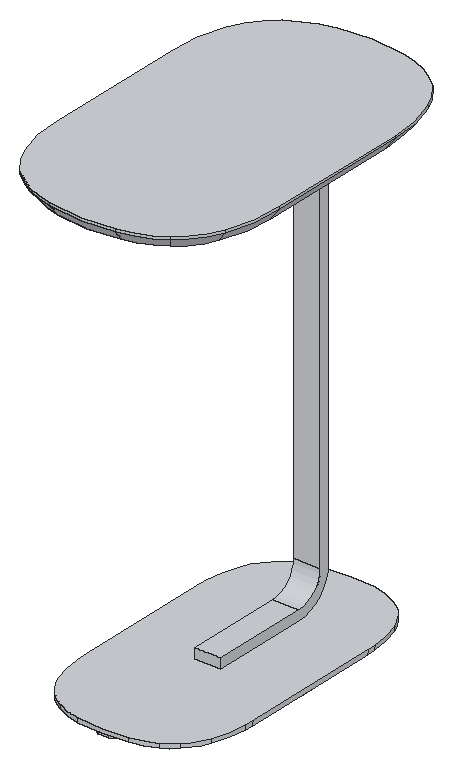
Revit family "Knoll_Muuto_Relate_Table", category Furniture, Revit 2021
Family settings
  OmniClass Number = 23.40.70.14.64.11
  OmniClass Title = Office Furniture
  Work Plane-Based = No
  Always vertical = Yes
  Cut with Voids When Loaded = No
  Shared = No
  Room Calculation Point = No
Parameters (values of type "MUU RelatSidTbl 29H")
  URL = "www.muuto.com"
  System Name [instance] = ""
  Product Documentation Link = "www.muuto.com"
  Position Boundary [instance] = yes
  P_Tag = "RELATE"
  P_Height = 29.000"
  P_DefaultHeight [instance] = 0.000"
  Model = "MRELST29"
  Length = P_Height - 0.969"  # 28.031"
  Knoll Muuto Table Trim [instance] = none
  Knoll Muuto Table Top [instance] = none
  Manufacturer = "Knoll, Inc."  # constant formula
  Knoll Muuto Coarse [instance] = none
  Knoll Muuto Table Leg [instance] = none
  Knoll Muuto Table Glide [instance] = none
  Knoll Muuto Table Edge [instance] = none
  Knoll Muuto Table Base [instance] = none
  Description = "Muuto Relate Side Table 29H"
  Default Elevation = 0.000"
  Copyright © = "© 2021 Knoll, Inc."  # constant formula
  Catalog = "Muuto"  # constant formula
  Base = "Type Catalog"
  Authoring Version = "Autodesk Revit 2016"  # constant formula
  Assembly Code = "E2020200"
Reference planes (in)
  plane 1 "Center (Front/Back)": y = 0
  plane 2: z = 0
  plane 3 "Center (Left/Right)": x = 0
  plane 4 "P_DH": z = 0
  plane 5 "Bottom": z = 28.031
  plane 6: z = 28.8184
  plane 7: z = 28.66092
Forms (in)
  Extrusion 1, solid, material <- "Knoll Muuto Table Glide", detail levels fine
    sketch origin (0, 0, 0) x (1, 0, 0) y (0, 1, 0)
      loop
        line (0.27559, 9.25197) -> (-0.27559, 9.25197)
        arc (-0.27559, 9.25197) -> (-0.61024, 8.91732) -> (-0.27559, 8.58268) r 0.33465
        line (-0.27559, 8.58268) -> (0.27559, 8.58268)
        arc (0.27559, 8.58268) -> (0.61024, 8.91732) -> (0.27559, 9.25197) r 0.33465
      loop
        arc (0.27559, -9.25197) -> (0.61024, -8.91732) -> (0.27559, -8.58268) r 0.33465
        line (0.27559, -8.58268) -> (-0.27559, -8.58268)
        arc (-0.27559, -8.58268) -> (-0.61024, -8.91732) -> (-0.27559, -9.25197) r 0.33465
        line (-0.27559, -9.25197) -> (0.27559, -9.25197)
    from 0 to 0.19685
  Extrusion 2, solid, material <- "Knoll Muuto Table Glide", detail levels fine
    sketch origin (0, 0, 0) x (1, 0, 0) y (0, 1, 0)
      loop
        line (-4.2126, -0.27559) -> (-4.2126, 0.27559)
        arc (-4.2126, 0.27559) -> (-4.54724, 0.61024) -> (-4.88189, 0.27559) r 0.33465
        line (-4.88189, 0.27559) -> (-4.88189, -0.27559)
        arc (-4.88189, -0.27559) -> (-4.54724, -0.61024) -> (-4.2126, -0.27559) r 0.33465
      loop
        arc (4.2126, -0.27559) -> (4.54724, -0.61024) -> (4.88189, -0.27559) r 0.33465
        line (4.88189, -0.27559) -> (4.88189, 0.27559)
        arc (4.88189, 0.27559) -> (4.54724, 0.61024) -> (4.2126, 0.27559) r 0.33465
        line (4.2126, 0.27559) -> (4.2126, -0.27559)
    from 0 to 0.19685
  Extrusion 3, solid, material <- "Knoll Muuto Table Base", detail levels fine
    sketch origin (0, 0, 0) x (1, 0, 0) y (0, 1, 0)
      loop
        arc (-5.07874, -4.37008) -> (-5.07431, -4.62748) -> (-5.06103, -4.88458) r 7.48024
        arc (-5.06103, -4.88458) -> (-4.91954, -5.90511) -> (-4.63918, -6.89651) r 7.48024
        arc (-4.63918, -6.89651) -> (-4.30006, -7.58758) -> (-3.81631, -8.18639) r 3.45403
        arc (-3.81631, -8.18639) -> (-3.4262, -8.52159) -> (-2.99326, -8.79929) r 3.68928
        arc (-2.99326, -8.79929) -> (-2.28518, -9.10907) -> (-1.53376, -9.28989) r 4.39023
        arc (-1.53376, -9.28989) -> (0, -9.4036) -> (1.53376, -9.28989) r 10.40066
        arc (1.53376, -9.28989) -> (2.28518, -9.10907) -> (2.99326, -8.79929) r 4.39023
        arc (2.99326, -8.79929) -> (3.4262, -8.52159) -> (3.81631, -8.18639) r 3.68928
        arc (3.81631, -8.18639) -> (4.30006, -7.58758) -> (4.63918, -6.89651) r 3.45403
        arc (4.63918, -6.89651) -> (4.91954, -5.90511) -> (5.06103, -4.88458) r 7.48024
        arc (5.06103, -4.88458) -> (5.07431, -4.62748) -> (5.07874, -4.37008) r 7.48024
        line (5.07874, -4.37008) -> (5.07874, 4.37008)
        arc (5.07874, 4.37008) -> (5.07431, 4.62748) -> (5.06103, 4.88458) r 7.48024
        arc (5.06103, 4.88458) -> (4.91954, 5.90511) -> (4.63918, 6.89651) r 7.48024
        arc (4.63918, 6.89651) -> (4.30006, 7.58758) -> (3.81631, 8.18639) r 3.45403
        arc (3.81631, 8.18639) -> (3.4262, 8.52159) -> (2.99326, 8.79929) r 3.68928
        arc (2.99326, 8.79929) -> (2.28518, 9.10907) -> (1.53376, 9.28989) r 4.39023
        arc (1.53376, 9.28989) -> (0, 9.4036) -> (-1.53376, 9.28989) r 10.40066
        arc (-1.53376, 9.28989) -> (-2.28518, 9.10907) -> (-2.99326, 8.79929) r 4.39023
        arc (-2.99326, 8.79929) -> (-3.4262, 8.52159) -> (-3.81631, 8.18639) r 3.68928
        arc (-3.81631, 8.18639) -> (-4.30006, 7.58758) -> (-4.63918, 6.89651) r 3.45403
        arc (-4.63918, 6.89651) -> (-4.91954, 5.90511) -> (-5.06103, 4.88458) r 7.48024
        arc (-5.06103, 4.88458) -> (-5.07431, 4.62748) -> (-5.07874, 4.37008) r 7.48024
        line (-5.07874, 4.37008) -> (-5.07874, -4.37008)
    from 0.19685 to 0.43307
  Extrusion 4, solid, material <- "Knoll Muuto Table Top", detail levels fine
    sketch origin (0, 0, 0) x (1, 0, 0) y (0, 1, 0)
      loop
        line (6.69291, -4.37008) -> (6.69291, 4.37008)
        arc (6.69291, 4.37008) -> (6.53676, 6.04362) -> (6.0737, 7.65939) r 9.04618
        arc (6.0737, 7.65939) -> (5.41306, 8.83085) -> (4.45186, 9.77154) r 4.77339
        arc (4.45186, 9.77154) -> (3.28721, 10.44194) -> (2.00355, 10.83955) r 6.06765
        arc (2.00355, 10.83955) -> (0, 11.02987) -> (-2.00355, 10.83955) r 10.64129
        arc (-2.00355, 10.83955) -> (-3.28721, 10.44194) -> (-4.45186, 9.77154) r 6.06765
        arc (-4.45186, 9.77154) -> (-5.41306, 8.83085) -> (-6.0737, 7.65939) r 4.77339
        arc (-6.0737, 7.65939) -> (-6.53676, 6.04362) -> (-6.69291, 4.37008) r 9.04618
        line (-6.69291, 4.37008) -> (-6.69291, -4.37008)
        arc (-6.69291, -4.37008) -> (-6.53676, -6.04362) -> (-6.0737, -7.65939) r 9.04618
        arc (-6.0737, -7.65939) -> (-5.41306, -8.83085) -> (-4.45186, -9.77154) r 4.77339
        arc (-4.45186, -9.77154) -> (-3.28721, -10.44194) -> (-2.00355, -10.83955) r 6.06765
        arc (-2.00355, -10.83955) -> (0, -11.02987) -> (2.00355, -10.83955) r 10.64129
        arc (2.00355, -10.83955) -> (3.28721, -10.44194) -> (4.45186, -9.77154) r 6.06765
        arc (4.45186, -9.77154) -> (5.41306, -8.83085) -> (6.0737, -7.65939) r 4.77339
        arc (6.0737, -7.65939) -> (6.53676, -6.04362) -> (6.69291, -4.37008) r 9.04618
    from 28.66092 to 28.8184
  Sweep 5, solid, material <- "Knoll Muuto Table Leg", detail levels fine
    path origin (0, 0, 0) x (0, 1, 0) y (0, 0, 1)
      loop
        line (-1.37795, 28.031) -> (4.51688, 28.031)
        arc (4.51688, 28.031) -> (6.05557, 27.39365) -> (6.69291, 25.85496) r 2.17604
        line (6.69291, 25.85496) -> (6.69291, 2.59653)
        arc (6.69291, 2.59653) -> (6.05925, 1.06673) -> (4.52945, 0.43307) r 2.16346
        line (4.52945, 0.43307) -> (-1.37795, 0.43307)
    profile origin (0, 6.69291, 14.22575) x (1, 0, 0) y (0, 1, 0)
      loop
        line (-0.7874, 0) -> (-0.7874, -0.60402) -> (0.7874, -0.60402) -> (0.7874, 0) -> (-0.7874, 0)
  Blend 6, solid, material <- "Knoll Muuto Table Edge", detail levels fine
    base sketch origin (-5.77558, -60, 28.66092) x (0, -1, 0) y (1, 0, 0)
      loop
        line (-64.37008, -0.91733) -> (-55.62992, -0.91733)
        arc (-55.62992, -0.91733) -> (-53.95638, -0.76118) -> (-52.34061, -0.29812) r 9.04618
        arc (-52.34061, -0.29812) -> (-51.16915, 0.36252) -> (-50.22846, 1.32372) r 4.77339
        arc (-50.22846, 1.32372) -> (-49.55806, 2.48837) -> (-49.16045, 3.77203) r 6.06765
        arc (-49.16045, 3.77203) -> (-48.97013, 5.77558) -> (-49.16045, 7.77913) r 10.64129
        arc (-49.16045, 7.77913) -> (-49.55806, 9.06279) -> (-50.22846, 10.22745) r 6.06765
        arc (-50.22846, 10.22745) -> (-51.16915, 11.18864) -> (-52.34061, 11.84928) r 4.77339
        arc (-52.34061, 11.84928) -> (-53.95638, 12.31234) -> (-55.62992, 12.46849) r 9.04618
        line (-55.62992, 12.46849) -> (-64.37008, 12.46849)
        arc (-64.37008, 12.46849) -> (-66.04362, 12.31234) -> (-67.65939, 11.84928) r 9.04618
        arc (-67.65939, 11.84928) -> (-68.83085, 11.18864) -> (-69.77154, 10.22745) r 4.77339
        arc (-69.77154, 10.22745) -> (-70.44194, 9.06279) -> (-70.83955, 7.77913) r 6.06765
        arc (-70.83955, 7.77913) -> (-71.02987, 5.77558) -> (-70.83955, 3.77203) r 10.64129
        arc (-70.83955, 3.77203) -> (-70.44194, 2.48837) -> (-69.77154, 1.32372) r 6.06765
        arc (-69.77154, 1.32372) -> (-68.83085, 0.36252) -> (-67.65939, -0.29812) r 4.77339
        arc (-67.65939, -0.29812) -> (-66.04362, -0.76118) -> (-64.37008, -0.91733) r 9.04618
    top sketch origin (-5.77558, -60, 28.66092) x (0, -1, 0) y (1, 0, 0)
      loop
        arc (-55.62992, -0.41733) -> (-54.04888, -0.26981) -> (-52.52242, 0.16765) r 8.54618
        arc (-52.52242, 0.16765) -> (-51.47366, 0.7591) -> (-50.63151, 1.61961) r 4.27339
        arc (-50.63151, 1.61961) -> (-50.01635, 2.68829) -> (-49.65151, 3.86617) r 5.56765
        arc (-49.65151, 3.86617) -> (-49.47013, 5.77558) -> (-49.65151, 7.68499) r 10.14129
        arc (-49.65151, 7.68499) -> (-50.01635, 8.86287) -> (-50.63151, 9.93155) r 5.56765
        arc (-50.63151, 9.93155) -> (-51.47366, 10.79206) -> (-52.52242, 11.38351) r 4.27339
        arc (-52.52242, 11.38351) -> (-54.04888, 11.82097) -> (-55.62992, 11.96849) r 8.54618
        line (-55.62992, 11.96849) -> (-64.37008, 11.96849)
        arc (-64.37008, 11.96849) -> (-65.95112, 11.82097) -> (-67.47758, 11.38351) r 8.54618
        arc (-67.47758, 11.38351) -> (-68.52634, 10.79206) -> (-69.36849, 9.93155) r 4.27339
        arc (-69.36849, 9.93155) -> (-69.98365, 8.86287) -> (-70.34849, 7.68499) r 5.56765
        arc (-70.34849, 7.68499) -> (-70.52987, 5.77558) -> (-70.34849, 3.86617) r 10.14129
        arc (-70.34849, 3.86617) -> (-69.98365, 2.68829) -> (-69.36849, 1.61961) r 5.56765
        arc (-69.36849, 1.61961) -> (-68.52634, 0.7591) -> (-67.47758, 0.16765) r 4.27339
        arc (-67.47758, 0.16765) -> (-65.95112, -0.26981) -> (-64.37008, -0.41733) r 8.54618
        line (-64.37008, -0.41733) -> (-55.62992, -0.41733)
    from 0 to -0.62992
  Extrusion 7, solid, material <- "Knoll Muuto Coarse", detail levels coarse+medium
    sketch origin (0, 0, 0) x (1, 0, 0) y (0, 1, 0)
      loop
        line (-5.07874, -9.4036) -> (5.07874, -9.4036) -> (5.07874, 9.4036) -> (-5.07874, 9.4036) -> (-5.07874, -9.4036)
    from 0 to 0.43307
  Extrusion 8, solid, material <- "Knoll Muuto Coarse", detail levels coarse+medium
    sketch origin (3.48134, 0, 0) x (0, 1, 0) y (0, 0, 1)
      loop
        line (11.06299, 28.8184) -> (-11.06299, 28.8184) -> (-11.06299, 28.031) -> (11.06299, 28.031) -> (11.06299, 28.8184)
    from -10.17426 to 3.21157
  Sweep 9, solid, material <- "Knoll Muuto Coarse", detail levels coarse+medium
    path origin (0, 0, 0) x (0, 1, 0) y (0, 0, 1)
      loop
        line (6.69291, 28.031) -> (6.69291, 0.43307)
    profile origin (0, 6.69291, 14.23204) x (1, 0, 0) y (0, 1, 0)
      loop
        line (-0.7874, 0) -> (-0.7874, -0.60402) -> (0.7874, -0.60402) -> (0.7874, 0) -> (-0.7874, 0)
  Extrusion 10, void
    sketch origin (0, -4.37008, 28.031) x (0, 1, 0) y (-1, 0, 0)
      loop
        arc (0, 6.19291) -> (-1.58104, 6.04539) -> (-3.1075, 5.60793) r 8.54618
        arc (-3.1075, 5.60793) -> (-4.15626, 5.01648) -> (-4.99841, 4.15597) r 4.27339
        arc (-4.99841, 4.15597) -> (-5.61357, 3.08729) -> (-5.97842, 1.90941) r 5.56765
        arc (-5.97842, 1.90941) -> (-6.15979, 0) -> (-5.97842, -1.90941) r 10.14129
        arc (-5.97842, -1.90941) -> (-5.61357, -3.08729) -> (-4.99841, -4.15597) r 5.56765
        arc (-4.99841, -4.15597) -> (-4.15626, -5.01648) -> (-3.1075, -5.60793) r 4.27339
        arc (-3.1075, -5.60793) -> (-1.58104, -6.04539) -> (0, -6.19291) r 8.54618
        line (0, -6.19291) -> (8.74016, -6.19291)
        arc (8.74016, -6.19291) -> (10.3212, -6.04539) -> (11.84766, -5.60793) r 8.54618
        arc (11.84766, -5.60793) -> (12.89642, -5.01648) -> (13.73857, -4.15597) r 4.27339
        arc (13.73857, -4.15597) -> (14.35373, -3.08729) -> (14.71857, -1.90941) r 5.56765
        arc (14.71857, -1.90941) -> (14.89995, 0) -> (14.71857, 1.90941) r 10.14129
        arc (14.71857, 1.90941) -> (14.35373, 3.08729) -> (13.73857, 4.15597) r 5.56765
        arc (13.73857, 4.15597) -> (12.89642, 5.01648) -> (11.84766, 5.60793) r 4.27339
        arc (11.84766, 5.60793) -> (10.3212, 6.04539) -> (8.74016, 6.19291) r 8.54618
        line (8.74016, 6.19291) -> (0, 6.19291)
    from 0 to 0.1
  Extrusion 11, solid, material <- "Knoll Muuto Table Trim", detail levels fine
    sketch origin (0, -4.37008, 28.031) x (-1, 0, 0) y (0, 1, 0)
      loop
        line (6.19291, 0) -> (6.19291, 8.74016)
        arc (6.19291, 8.74016) -> (6.04539, 10.3212) -> (5.60793, 11.84766) r 8.54618
        arc (5.60793, 11.84766) -> (5.01648, 12.89642) -> (4.15597, 13.73857) r 4.27339
        arc (4.15597, 13.73857) -> (3.08729, 14.35373) -> (1.90941, 14.71857) r 5.56765
        arc (1.90941, 14.71857) -> (0, 14.89995) -> (-1.90941, 14.71857) r 10.14129
        arc (-1.90941, 14.71857) -> (-3.08729, 14.35373) -> (-4.15597, 13.73857) r 5.56765
        arc (-4.15597, 13.73857) -> (-5.01648, 12.89642) -> (-5.60793, 11.84766) r 4.27339
        arc (-5.60793, 11.84766) -> (-6.04539, 10.3212) -> (-6.19291, 8.74016) r 8.54618
        line (-6.19291, 8.74016) -> (-6.19291, 0)
        arc (-6.19291, 0) -> (-6.04539, -1.58104) -> (-5.60793, -3.1075) r 8.54618
        arc (-5.60793, -3.1075) -> (-5.01648, -4.15626) -> (-4.15597, -4.99841) r 4.27339
        arc (-4.15597, -4.99841) -> (-3.08729, -5.61357) -> (-1.90941, -5.97842) r 5.56765
        arc (-1.90941, -5.97842) -> (0, -6.15979) -> (1.90941, -5.97842) r 10.14129
        arc (1.90941, -5.97842) -> (3.08729, -5.61357) -> (4.15597, -4.99841) r 5.56765
        arc (4.15597, -4.99841) -> (5.01648, -4.15626) -> (5.60793, -3.1075) r 4.27339
        arc (5.60793, -3.1075) -> (6.04539, -1.58104) -> (6.19291, 0) r 8.54618
    from 0 to -0.1
Cuts and joins
  Extrusion 10 cuts Extrusion 4
  Extrusion 10 cuts Sweep 5
  Extrusion 10 cuts Blend 6
  Extrusion 10 cuts Extrusion 8
  Extrusion 10 cuts Sweep 9
Lines and regions (in)
  Masking region 1
    outline origin (30, 0, 0) x (1, 0, 0) y (0, 1, 0)
      loop
        arc (-36.69291, -4.37008) -> (-36.56226, -5.90613) -> (-36.17404, -7.39805) r 9.09449
        arc (-36.17404, -7.39805) -> (-34.9577, -9.32778) -> (-33.02797, -10.54411) r 5.15748
        arc (-33.02797, -10.54411) -> (-30, -11.06299) -> (-26.97203, -10.54411) r 9.09449
        arc (-26.97203, -10.54411) -> (-25.0423, -9.32778) -> (-23.82596, -7.39805) r 5.15748
        arc (-23.82596, -7.39805) -> (-23.43774, -5.90613) -> (-23.30709, -4.37008) r 9.09449
        line (-23.30709, -4.37008) -> (-23.30709, 4.37008)
        arc (-23.30709, 4.37008) -> (-23.43774, 5.90613) -> (-23.82596, 7.39805) r 9.09449
        arc (-23.82596, 7.39805) -> (-25.0423, 9.32778) -> (-26.97203, 10.54411) r 5.15748
        arc (-26.97203, 10.54411) -> (-30, 11.06299) -> (-33.02797, 10.54411) r 9.09449
        arc (-33.02797, 10.54411) -> (-34.9577, 9.32778) -> (-36.17404, 7.39805) r 5.15748
        arc (-36.17404, 7.39805) -> (-36.56226, 5.90613) -> (-36.69291, 4.37008) r 9.09449
        line (-36.69291, 4.37008) -> (-36.69291, -4.37008)
  symbolic lines, style "Knoll Snaps", detail levels coarse
    curve 1: line (-0.35355, 0.35355, 0) -> (0.35355, -0.35355, 0)
    curve 2: line (-0.35355, -0.35355, 0) -> (0.35355, 0.35355, 0)
  symbolic lines, style "InvisibleLines", visible <- "Position Boundary"
    curve 3: line (-6.69291, 11.06299, 0) -> (6.69291, 11.06299, 0)
    curve 4: line (6.69291, -11.06299, 0) -> (-6.69291, -11.06299, 0)
    curve 5: line (-6.69291, 11.06299, 0) -> (-6.69291, -11.06299, 0)
    curve 6: line (6.69291, 11.06299, 0) -> (6.69291, -11.06299, 0)
Dimensions and locks (in)
  "P_DefaultHeight": plane 4 "P_DH" to plane 2
  plane 6 to plane 7 to plane 5 "Bottom" = 0.15748" locked, 0.62992" locked
  "Length": plane 5 "Bottom" to plane 4 "P_DH"
  locked: Sweep 9 sketch curve to plane 4 "P_DH" at 0.43307
  aligned and locked: Extrusion 1 to level
  aligned and locked: plane 7 to Extrusion 4
  aligned and locked: Extrusion 4 to plane 6
  aligned and locked: plane 5 "Bottom" to Sweep 5 sketch curve
  aligned and locked: plane 5 "Bottom" to Blend 6
  aligned and locked: Blend 6 to plane 7
  aligned and locked: Extrusion 7 to Extrusion 3
  aligned and locked: Extrusion 7 to plane 4 "P_DH"
  aligned and locked: plane 6 to Extrusion 8 sketch curve
  aligned and locked: Extrusion 8 sketch curve to plane 5 "Bottom"
  aligned and locked: curve 5 to Extrusion 8
  aligned and locked: Extrusion 8 to curve 6
  aligned and locked: Extrusion 8 to curve 4
  aligned and locked: Extrusion 8 to curve 3
  aligned and locked: plane 5 "Bottom" to Sweep 9 sketch curve
  aligned and locked: Extrusion 10 sketch curve to Blend 6  (x14)
  aligned and locked: Extrusion 11 sketch curve to cut or joined group of Blend 6, Extrusion 10  (x14)
  aligned and locked: Extrusion 11 to plane 5 "Bottom"
  aligned and locked: Extrusion 11 to cut or joined group of Blend 6, Extrusion 10
Automatic sketch dimensions
  plane 3 "Center (Left/Right)" to curve 1 = 0.35355"
  curve 2 to plane 1 "Center (Front/Back)" = 0.35355"
  plane 3 "Center (Left/Right)" to curve 2 = 0.35355"
  curve 2 to plane 3 "Center (Left/Right)" = 0.35355"
  curve 1 to plane 3 "Center (Left/Right)" = 0.35355"
  curve 1 to plane 1 "Center (Front/Back)" = 0.35355"
  plane 1 "Center (Front/Back)" to curve 2 = 0.35355"
  plane 1 "Center (Front/Back)" to curve 1 = 0.35355"
  Extrusion 1 sketch curve to plane 3 "Center (Left/Right)" = 0.27559"  (x2)
  plane 3 "Center (Left/Right)" to Extrusion 1 sketch curve = 0.27559"  (x2)
  plane 1 "Center (Front/Back)" to Extrusion 1 sketch curve = 9.25197"
  Extrusion 1 sketch curve to Extrusion 1 sketch curve = 0.33465"  (x2)
  Extrusion 1 sketch curve to plane 1 "Center (Front/Back)" = 8.58268"
  plane 1 "Center (Front/Back)" to Extrusion 2 sketch curve = 0.27559"  (x2)
  Extrusion 2 sketch curve to plane 3 "Center (Left/Right)" = 4.88189"
  Extrusion 2 sketch curve to Extrusion 2 sketch curve = 0.33465"  (x2)
  plane 3 "Center (Left/Right)" to Extrusion 2 sketch curve = 4.2126"
  Extrusion 2 sketch curve to plane 1 "Center (Front/Back)" = 0.27559"  (x2)
  Extrusion 3 sketch curve to Extrusion 3 sketch curve = 0.000"  (x22)
  Extrusion 3 sketch curve to plane 3 "Center (Left/Right)" = 0.000"  (x2)
  Extrusion 3 sketch curve to plane 3 "Center (Left/Right)" = 0.88634"  (x2)
  Extrusion 3 sketch curve to Extrusion 3 sketch curve = 0.33639"  (x4)
  Extrusion 3 sketch curve to Extrusion 3 sketch curve = 0.16539"  (x4)
  Extrusion 3 sketch curve to Extrusion 3 sketch curve = 1.51516"  (x4)
  Extrusion 3 sketch curve to Extrusion 3 sketch curve = 2.67724"  (x2)
  plane 3 "Center (Left/Right)" to Extrusion 3 sketch curve = 0.88634"  (x2)
  plane 1 "Center (Front/Back)" to Extrusion 3 sketch curve = 5.72992"
  Extrusion 3 sketch curve to Extrusion 3 sketch curve = 0.16731"  (x4)
  Extrusion 3 sketch curve to Extrusion 3 sketch curve = 0.61496"  (x4)
  Extrusion 3 sketch curve to Extrusion 3 sketch curve = 0.57758"  (x4)
  plane 1 "Center (Front/Back)" to Extrusion 3 sketch curve = 0.99706"
  Extrusion 3 sketch curve to plane 1 "Center (Front/Back)" = 0.99706"
  Extrusion 3 sketch curve to plane 1 "Center (Front/Back)" = 4.37008"
  Extrusion 3 sketch curve to plane 3 "Center (Left/Right)" = 1.53376"  (x2)
  Extrusion 3 sketch curve to Extrusion 3 sketch curve = 0.01771"  (x4)
  Extrusion 4 sketch curve to plane 3 "Center (Left/Right)" = 0.000"  (x2)
  Extrusion 4 sketch curve to plane 3 "Center (Left/Right)" = 0.86113"  (x2)
  Extrusion 4 sketch curve to Extrusion 4 sketch curve = 0.76593"  (x4)
  Extrusion 4 sketch curve to Extrusion 4 sketch curve = 1.49214"  (x4)
  Extrusion 4 sketch curve to Extrusion 4 sketch curve = 4.33964"  (x2)
  plane 3 "Center (Left/Right)" to Extrusion 4 sketch curve = 0.86113"  (x2)
  plane 1 "Center (Front/Back)" to Extrusion 4 sketch curve = 5.92372"
  Extrusion 4 sketch curve to Extrusion 4 sketch curve = 0.000"  (x10)
  Extrusion 4 sketch curve to Extrusion 4 sketch curve = 1.04331"  (x4)
  Extrusion 4 sketch curve to Extrusion 4 sketch curve = 0.51034"  (x4)
  plane 1 "Center (Front/Back)" to Extrusion 4 sketch curve = 0.38858"
  Extrusion 4 sketch curve to plane 1 "Center (Front/Back)" = 0.38858"
  Extrusion 4 sketch curve to plane 1 "Center (Front/Back)" = 4.37008"
  Extrusion 4 sketch curve to plane 3 "Center (Left/Right)" = 2.00355"  (x2)
  Blend 6 sketch curve to plane 3 "Center (Left/Right)" = 0.000"  (x4)
  Blend 6 sketch curve to plane 3 "Center (Left/Right)" = 1.62705"  (x4)
  Blend 6 sketch curve to plane 1 "Center (Front/Back)" = 5.92372"  (x2)
  plane 3 "Center (Left/Right)" to Blend 6 sketch curve = 1.62705"  (x2)
  Blend 6 sketch curve to Blend 6 sketch curve = 0.000"  (x24)
  plane 3 "Center (Left/Right)" to Blend 6 sketch curve = 0.86113"  (x4)
  Blend 6 sketch curve to Blend 6 sketch curve = 1.04331"  (x8)
  Blend 6 sketch curve to plane 3 "Center (Left/Right)" = 0.86113"  (x4)
  Blend 6 sketch curve to plane 1 "Center (Front/Back)" = 4.37008"
  Blend 6 sketch curve to Blend 6 sketch curve = 0.51034"  (x7)
  Blend 6 sketch curve to plane 1 "Center (Front/Back)" = 0.38858"  (x2)
  plane 1 "Center (Front/Back)" to Blend 6 sketch curve = 0.38858"  (x2)
  plane 3 "Center (Left/Right)" to Blend 6 sketch curve = 2.35327"
  plane 1 "Center (Front/Back)" to Blend 6 sketch curve = 4.37008"  (x2)
  Blend 6 sketch curve to plane 3 "Center (Left/Right)" = 2.35327"  (x2)
  Blend 6 sketch curve to Blend 6 sketch curve = 1.49214"  (x5)
  Blend 6 sketch curve to Blend 6 sketch curve = 4.33964"  (x2)
  Blend 6 sketch curve to Blend 6 sketch curve = 0.76593"  (x2)
  Blend 6 sketch curve to Blend 6 sketch curve = 4.56586"
  Blend 6 sketch curve to Blend 6 sketch curve = 3.83964"
  Masking region 1 sketch curve to plane 3 "Center (Left/Right)" = 0.000"  (x2)
  Masking region 1 sketch curve to plane 3 "Center (Left/Right)" = 1.31081"  (x2)
  Masking region 1 sketch curve to Masking region 1 sketch curve = 1.09076"  (x4)
  Masking region 1 sketch curve to Masking region 1 sketch curve = 4.29134"  (x2)
  plane 3 "Center (Left/Right)" to Masking region 1 sketch curve = 1.31081"  (x2)
  plane 1 "Center (Front/Back)" to Masking region 1 sketch curve = 5.68089"
  Masking region 1 sketch curve to Masking region 1 sketch curve = 0.000"  (x5)
  plane 1 "Center (Front/Back)" to Masking region 1 sketch curve = 4.37008"
  Masking region 1 sketch curve to Masking region 1 sketch curve = 1.31081"  (x3)
  plane 1 "Center (Front/Back)" to Masking region 1 sketch curve = 1.9685"
  Masking region 1 sketch curve to plane 1 "Center (Front/Back)" = 1.9685"
  Masking region 1 sketch curve to Masking region 1 sketch curve = 2.40157"  (x2)
  Masking region 1 sketch curve to plane 3 "Center (Left/Right)" = 3.02797"  (x2)
  Extrusion 7 sketch curve to plane 3 "Center (Left/Right)" = 5.07874"
  plane 3 "Center (Left/Right)" to Extrusion 7 sketch curve = 5.07874"
  plane 1 "Center (Front/Back)" to Extrusion 7 sketch curve = 9.4036"
  Extrusion 7 sketch curve to plane 1 "Center (Front/Back)" = 9.4036"
  plane 1 "Center (Front/Back)" to Extrusion 8 sketch curve = 11.06299"
  Extrusion 8 sketch curve to plane 1 "Center (Front/Back)" = 11.06299"
  profile plane to Sweep 9 sketch curve = 0.000"
  Sweep 9 sketch curve to plane 3 "Center (Left/Right)" = 0.7874"
  plane 3 "Center (Left/Right)" to Sweep 9 sketch curve = 0.7874"
  profile plane to Sweep 9 sketch curve = 0.60402"
  Sweep 9 sketch curve to plane 1 "Center (Front/Back)" = 6.69291"
  Sweep 5 sketch curve to plane 1 "Center (Front/Back)" = 4.51688"
  level to Sweep 5 sketch curve = 0.43307"
  Sweep 5 sketch curve to plane 1 "Center (Front/Back)" = 4.52945"
  Sweep 5 sketch curve to Sweep 5 sketch curve = 2.16346"
  plane 1 "Center (Front/Back)" to Sweep 5 sketch curve = 1.37795"  (x2)
  profile plane to Sweep 5 sketch curve = 0.000"
  Sweep 5 sketch curve to plane 3 "Center (Left/Right)" = 0.7874"
  plane 3 "Center (Left/Right)" to Sweep 5 sketch curve = 0.7874"
  profile plane to Sweep 5 sketch curve = 0.60402"
